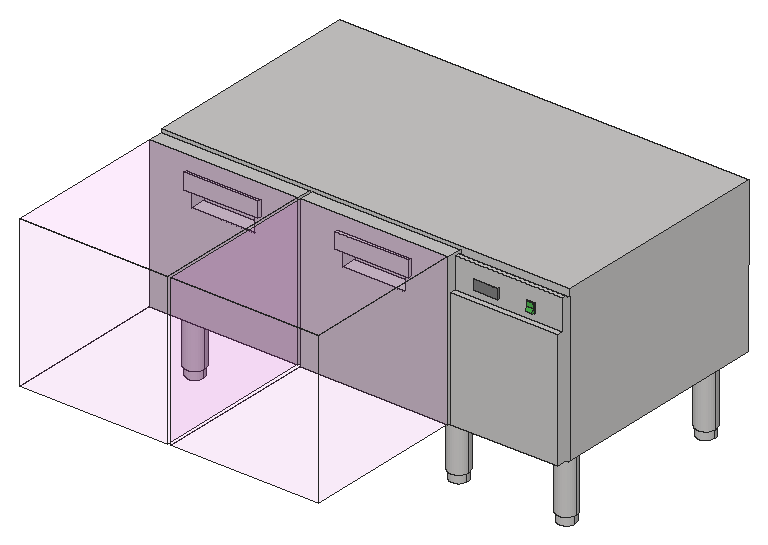
Revit family "QF_ELECTROLUXPROFESSIONAL_371294_E7TTEECOMIN", category Specialty Equipment, Revit 2018
Family settings
  Round Connector Dimension = Use Diameter
  Part Type = Normal
  Work Plane-Based = No
  Always vertical = Yes
  Cut with Voids When Loaded = No
  Shared = No
  Room Calculation Point = No
Parameters (values of type "Standard")
  Weight = 95.00 kg
  Watts = 0 W
  Volts = 220 V
  URL Manufacturer = "http://professional.electrolux.com"
  URL = "http://professional.electrolux.com"
  Steam Supply Size = 0 mm
  Steam Supply Minimum Pressure = 0.0 Pa
  Steam Supply Maximum Pressure = 0.0 Pa
  Steam Pounds per Hour = 0
  Refrigeration Suction Line Size = 0 mm
  Refrigeration Liquid Line Size = 0 mm
  Refrigerant Compressor Remote = yes
  Manufacturer = "Electrolux Professional"
  Phase = 1
  Model = "E7TTEECOMIN"
  Length Actual = 1200 mm  # constant formula
  Item Number = "371294"
  Hot Water Size = 0 mm
  Height Actual = 600 mm  # constant formula
  HP = "0.7 HP"
  Gas Size = 0 mm
  Gas KW = 0
  Gas Input Pressure = 0 W
  Direct Waste Size = 12.7 mm
  Description = "FREEZER BASE+2 DRAWERS -15°-20°C 1200MM - R290"
  Depth Actual = 700 mm  # constant formula
  Cycle = 50 Hz
  Condensate Return Size = 0 mm
  Compressed Air Volume = 0.0 L/s
  Compressed Air Size = 0 mm
  Compressed Air Pressure = 0.0 Pa
  Cold Water Size = 0 mm
  Accessory = yes
Values of the unnamed type that differ from the named types
  Volts = 0 V
  URL Manufacturer = ""
  Item Number = ""
  Cycle = 0 Hz
Reference planes
  plane 1 "Center X": y = 0
  plane 2: z = 0
  plane 3 "Centro (Sinistra/Destra)": x = 0
  plane 4: z = 200
  plane 5 "TOP": z = 650
  plane 6 "BACK": y = 350
  plane 7 "FRONT": y = -350
  plane 8 "LEFT": x = -600
  plane 9 "RIGHT": x = 600
  plane 10: y = -303
  plane 11: y = -348
  plane 12: x = -545
  plane 13: x = 545
  plane 14: x = 229
  plane 15: y = 262
  plane 16: y = -249
  plane 17: x = 286
  plane 18: x = -599
  plane 19: x = 599
  plane 20: y = 190
  plane 21: x = 560
Forms (mm)
  Extrusion 1, solid, material "QF_Finishes_Stainless Steel"
    sketch origin (0, 0, 650) x (-1, 0, 0) y (0, -1, 0)
      loop
        line (599, -350) -> (599, 303) -> (-599, 303) -> (-599, -350) -> (599, -350)
    from -450 to 0
  Extrusion 2, solid, material "QF_Finishes_Stainless Steel"
    sketch origin (196, -342.999, 0) x (-1, 0, 0) y (0, 0, 1)
      loop
        line (795, 201.587) -> (795, 640.994) -> (360.999, 640.994) -> (360.999, 201.587) -> (795, 201.587)
      loop
        line (671.3, 506.706) -> (671.3, 585) -> (484.699, 585) -> (484.699, 506.706) -> (671.3, 506.706)
    from -5.001 to 39.999
  Extrusion 3, solid, material "QF_Door-Drawer Clearances"
    sketch origin (196, -348, 0) x (1, 0, 0) y (0, 0, 1)
      loop
        line (-795, 640.994) -> (-795, 201.587) -> (-360.999, 201.587) -> (-360.999, 640.994) -> (-795, 640.994)
    from 0 to 473.5
  Extrusion 4, solid, material "QF_Finishes_Stainless Steel"
    sketch origin (599, 66.551, 0) x (0, 1, 0) y (0, 0, 1)
      loop
        line (-369.551, 629.527) -> (-386.314, 640.994) -> (-397.65, 640.994) -> (-397.65, 549.796) -> (-414.551, 549.796) -> (-414.551, 204.796) -> (-384.714, 204.796) -> (-374.993, 200) -> (-369.551, 200) -> (-369.551, 629.527)
    from 0 to -313
  Extrusion 5, solid, material "QF_Finishes_Black"
    sketch origin (583, -331.099, 630.994) x (0, 0, -1) y (1, 0, 0)
      loop
        line (32.198, -86.899) -> (61.199, -86.899) -> (61.199, -64.9) -> (32.198, -64.9) -> (32.198, -86.899)
    from 0 to 1.6
  Extrusion 6, solid, material "QF_Finishes_Grey"
    sketch origin (589, -331.099, 630.994) x (0, 0, -1) y (1, 0, 0)
      loop
        line (32.198, -248.099) -> (61.199, -248.099) -> (61.199, -178.099) -> (32.198, -178.099) -> (32.198, -248.099)
    from 0 to 1.6
  Extrusion 7, solid, material "QF_Finishes_Green"
    sketch origin (518.1, -331.099, 598.796) x (0, 0, -1) y (0, 1, 0)
      loop
        line (2.279, -3.281) -> (14.5, -3.281) -> (25.308, -8.985)
        arc (25.308, -8.985) -> (26.537, -5.394) -> (26.605, -1.6) r 12.221
        line (26.605, -1.6) -> (2.395, -1.6)
        arc (2.395, -1.6) -> (2.308, -2.439) -> (2.279, -3.281) r 12.221
    from -20 to -2
  Extrusion 8, solid, material "QF_Door-Drawer Clearances"
    sketch origin (638.501, -342.999, 0) x (1, 0, 0) y (0, 0, 1)
      loop
        line (-795, 640.994) -> (-795, 201.587) -> (-360.999, 201.587) -> (-360.999, 640.994) -> (-795, 640.994)
    from 5.001 to 478.501
  Extrusion 9, solid, material "QF_Finishes_Stainless Steel"
    sketch origin (196, -348, 0) x (1, 0, 0) y (0, 0, 1)
      loop
        line (-686.3, 598.969) -> (-686.3, 553.969) -> (-469.699, 553.969) -> (-469.699, 598.969) -> (-686.3, 598.969)
    from 0 to 10
  Extrusion 10, solid, material "QF_Finishes_Stainless Steel"
    sketch origin (638.501, -342.999, 0) x (-1, 0, 0) y (0, 0, 1)
      loop
        line (795, 201.587) -> (795, 640.994) -> (360.999, 640.994) -> (360.999, 201.587) -> (795, 201.587)
      loop
        line (671.3, 506.706) -> (671.3, 585) -> (484.699, 585) -> (484.699, 506.706) -> (671.3, 506.706)
    from -5.001 to 39.999
  Extrusion 11, solid, material "QF_Finishes_Stainless Steel"
    sketch origin (638.501, -348, 0) x (1, 0, 0) y (0, 0, 1)
      loop
        line (-686.3, 598.969) -> (-686.3, 553.969) -> (-469.699, 553.969) -> (-469.699, 598.969) -> (-686.3, 598.969)
    from 0 to 10
  Extrusion 12, solid, material "QF_Finishes_Stainless Steel"
    sketch origin (0, 0, 0) x (1, 0, 0) y (0, 1, 0)
      loop
        circle (560, 190) r 6
    from 189.987 to 200
Lines and regions (mm)
  Split face 1
    outline origin (589, -332.699, 630.994) x (0, 0, -1) y (1, 0, 0)
      loop
        line (37.198, -238.099) -> (52.198, -238.099) -> (52.198, -188.099) -> (37.198, -188.099) -> (37.198, -238.099)
  Split face 2
    outline origin (589, -332.699, 630.994) x (0, 0, -1) y (1, 0, 0)
      loop
        circle (44.698, -185.099) r 1.2
  Split face 3
    outline origin (589, -332.699, 630.994) x (0, 0, -1) y (1, 0, 0)
      loop
        circle (39.698, -185.099) r 1.2
  Split face 4
    outline origin (589, -332.699, 630.994) x (0, 0, -1) y (1, 0, 0)
      loop
        circle (49.698, -185.099) r 1.2
  Split face 5
    outline origin (589, -332.699, 630.994) x (0, 0, -1) y (1, 0, 0)
      loop
        circle (39.698, -241.099) r 1.2
  Split face 6
    outline origin (589, -332.699, 630.994) x (0, 0, -1) y (1, 0, 0)
      loop
        circle (44.698, -241.099) r 1.2
  Split face 7
    outline origin (589, -332.699, 630.994) x (0, 0, -1) y (1, 0, 0)
      loop
        circle (49.698, -241.099) r 1.2
  Split face 8
    outline origin (589, -332.699, 630.994) x (0, 0, -1) y (1, 0, 0)
      loop
        line (59.151, -238.099) -> (59.151, -227.099) -> (54.151, -227.099) -> (54.151, -238.099) -> (59.151, -238.099)
  Split face 9
    outline origin (589, -332.699, 630.994) x (0, 0, -1) y (1, 0, 0)
      loop
        line (54.151, -225.099) -> (59.151, -225.099) -> (59.151, -214.099) -> (54.151, -214.099) -> (54.151, -225.099)
  Split face 10
    outline origin (602, -332.699, 630.994) x (0, 0, -1) y (1, 0, 0)
      loop
        line (54.151, -225.099) -> (59.151, -225.099) -> (59.151, -214.099) -> (54.151, -214.099) -> (54.151, -225.099)
  Split face 11
    outline origin (615, -332.699, 630.994) x (0, 0, -1) y (1, 0, 0)
      loop
        line (54.151, -225.099) -> (59.151, -225.099) -> (59.151, -214.099) -> (54.151, -214.099) -> (54.151, -225.099)
  Split face 12
    outline origin (601.5, -348, 412.291) x (0, 0, -1) y (1, 0, 0)
      loop
        arc (-85.025, -282.599) -> (-81.004, -278.61) -> (-85.004, -274.599) r 4
        line (-85.004, -274.599) -> (-117.004, -274.599)
        arc (-117.004, -274.599) -> (-121.004, -278.61) -> (-116.984, -282.599) r 4
        line (-116.984, -282.599) -> (-85.025, -282.599)
  Split face 13
    outline origin (613.5, -348, 412.291) x (0, 0, -1) y (1, 0, 0)
      loop
        arc (-85.025, -282.599) -> (-81.004, -278.61) -> (-85.004, -274.599) r 4
        line (-85.004, -274.599) -> (-117.004, -274.599)
        arc (-117.004, -274.599) -> (-121.004, -278.61) -> (-116.984, -282.599) r 4
        line (-116.984, -282.599) -> (-85.025, -282.599)
  Split face 14
    outline origin (625.5, -348, 412.291) x (0, 0, -1) y (1, 0, 0)
      loop
        arc (-85.025, -282.599) -> (-81.004, -278.61) -> (-85.004, -274.599) r 4
        line (-85.004, -274.599) -> (-117.004, -274.599)
        arc (-117.004, -274.599) -> (-121.004, -278.61) -> (-116.984, -282.599) r 4
        line (-116.984, -282.599) -> (-85.025, -282.599)
  Split face 15
    outline origin (637.397, -348, 412.291) x (0, 0, -1) y (1, 0, 0)
      loop
        arc (-85.025, -282.599) -> (-81.004, -278.61) -> (-85.004, -274.599) r 4
        line (-85.004, -274.599) -> (-117.004, -274.599)
        arc (-117.004, -274.599) -> (-121.004, -278.61) -> (-116.984, -282.599) r 4
        line (-116.984, -282.599) -> (-85.025, -282.599)
  Split face 16
    outline origin (649.396, -348, 412.291) x (0, 0, -1) y (1, 0, 0)
      loop
        arc (-85.025, -282.599) -> (-81.004, -278.61) -> (-85.004, -274.599) r 4
        line (-85.004, -274.599) -> (-117.004, -274.599)
        arc (-117.004, -274.599) -> (-121.004, -278.61) -> (-116.984, -282.599) r 4
        line (-116.984, -282.599) -> (-85.025, -282.599)
  Split face 17
    outline origin (661.396, -348, 412.291) x (0, 0, -1) y (1, 0, 0)
      loop
        arc (-85.025, -282.599) -> (-81.004, -278.61) -> (-85.004, -274.599) r 4
        line (-85.004, -274.599) -> (-117.004, -274.599)
        arc (-117.004, -274.599) -> (-121.004, -278.61) -> (-116.984, -282.599) r 4
        line (-116.984, -282.599) -> (-85.025, -282.599)
  Split face 18
    outline origin (673.396, -348, 412.291) x (0, 0, -1) y (1, 0, 0)
      loop
        arc (-85.025, -282.599) -> (-81.004, -278.61) -> (-85.004, -274.599) r 4
        line (-85.004, -274.599) -> (-117.004, -274.599)
        arc (-117.004, -274.599) -> (-121.004, -278.61) -> (-116.984, -282.599) r 4
        line (-116.984, -282.599) -> (-85.025, -282.599)
  Split face 19
    outline origin (685.397, -348, 412.291) x (0, 0, -1) y (1, 0, 0)
      loop
        arc (-85.025, -282.599) -> (-81.004, -278.61) -> (-85.004, -274.599) r 4
        line (-85.004, -274.599) -> (-117.004, -274.599)
        arc (-117.004, -274.599) -> (-121.004, -278.61) -> (-116.984, -282.599) r 4
        line (-116.984, -282.599) -> (-85.025, -282.599)
  Split face 20
    outline origin (697.396, -348, 412.291) x (0, 0, -1) y (1, 0, 0)
      loop
        arc (-85.025, -282.599) -> (-81.004, -278.61) -> (-85.004, -274.599) r 4
        line (-85.004, -274.599) -> (-117.004, -274.599)
        arc (-117.004, -274.599) -> (-121.004, -278.61) -> (-116.984, -282.599) r 4
        line (-116.984, -282.599) -> (-85.025, -282.599)
  Split face 21
    outline origin (704.396, -348, 412.291) x (0, 0, -1) y (1, 0, 0)
      loop
        arc (-85.025, -242.399) -> (-81.004, -238.41) -> (-85.004, -234.4) r 4
        line (-85.004, -234.4) -> (-117.004, -234.4)
        arc (-117.004, -234.4) -> (-121.004, -238.41) -> (-116.984, -242.399) r 4
        line (-116.984, -242.399) -> (-85.025, -242.399)
  Split face 22
    outline origin (716.396, -348, 412.291) x (0, 0, -1) y (1, 0, 0)
      loop
        arc (-85.025, -242.399) -> (-81.004, -238.41) -> (-85.004, -234.4) r 4
        line (-85.004, -234.4) -> (-117.004, -234.4)
        arc (-117.004, -234.4) -> (-121.004, -238.41) -> (-116.984, -242.399) r 4
        line (-116.984, -242.399) -> (-85.025, -242.399)
  Split face 23
    outline origin (728.396, -348, 412.291) x (0, 0, -1) y (1, 0, 0)
      loop
        arc (-85.025, -242.399) -> (-81.004, -238.41) -> (-85.004, -234.4) r 4
        line (-85.004, -234.4) -> (-117.004, -234.4)
        arc (-117.004, -234.4) -> (-121.004, -238.41) -> (-116.984, -242.399) r 4
        line (-116.984, -242.399) -> (-85.025, -242.399)
  Split face 24
    outline origin (740.396, -348, 412.291) x (0, 0, -1) y (1, 0, 0)
      loop
        arc (-85.025, -242.399) -> (-81.004, -238.41) -> (-85.004, -234.4) r 4
        line (-85.004, -234.4) -> (-117.004, -234.4)
        arc (-117.004, -234.4) -> (-121.004, -238.41) -> (-116.984, -242.399) r 4
        line (-116.984, -242.399) -> (-85.025, -242.399)
  Split face 25
    outline origin (752.396, -348, 412.291) x (0, 0, -1) y (1, 0, 0)
      loop
        arc (-85.025, -242.399) -> (-81.004, -238.41) -> (-85.004, -234.4) r 4
        line (-85.004, -234.4) -> (-117.004, -234.4)
        arc (-117.004, -234.4) -> (-121.004, -238.41) -> (-116.984, -242.399) r 4
        line (-116.984, -242.399) -> (-85.025, -242.399)
  Split face 26
    outline origin (764.396, -348, 412.291) x (0, 0, -1) y (1, 0, 0)
      loop
        arc (-85.025, -242.399) -> (-81.004, -238.41) -> (-85.004, -234.4) r 4
        line (-85.004, -234.4) -> (-117.004, -234.4)
        arc (-117.004, -234.4) -> (-121.004, -238.41) -> (-116.984, -242.399) r 4
        line (-116.984, -242.399) -> (-85.025, -242.399)
  Split face 27
    outline origin (776.396, -348, 412.291) x (0, 0, -1) y (1, 0, 0)
      loop
        arc (-85.025, -242.399) -> (-81.004, -238.41) -> (-85.004, -234.4) r 4
        line (-85.004, -234.4) -> (-117.004, -234.4)
        arc (-117.004, -234.4) -> (-121.004, -238.41) -> (-116.984, -242.399) r 4
        line (-116.984, -242.399) -> (-85.025, -242.399)
  Split face 28
    outline origin (788.396, -348, 412.291) x (0, 0, -1) y (1, 0, 0)
      loop
        arc (-85.025, -242.399) -> (-81.004, -238.41) -> (-85.004, -234.4) r 4
        line (-85.004, -234.4) -> (-117.004, -234.4)
        arc (-117.004, -234.4) -> (-121.004, -238.41) -> (-116.984, -242.399) r 4
        line (-116.984, -242.399) -> (-85.025, -242.399)
  Split face 29
    outline origin (800.396, -348, 412.291) x (0, 0, -1) y (1, 0, 0)
      loop
        arc (-85.025, -242.399) -> (-81.004, -238.41) -> (-85.004, -234.4) r 4
        line (-85.004, -234.4) -> (-117.004, -234.4)
        arc (-117.004, -234.4) -> (-121.004, -238.41) -> (-116.984, -242.399) r 4
        line (-116.984, -242.399) -> (-85.025, -242.399)
  Split face 30
    outline origin (812.396, -348, 412.291) x (0, 0, -1) y (1, 0, 0)
      loop
        arc (-85.025, -242.399) -> (-81.004, -238.41) -> (-85.004, -234.4) r 4
        line (-85.004, -234.4) -> (-117.004, -234.4)
        arc (-117.004, -234.4) -> (-121.004, -238.41) -> (-116.984, -242.399) r 4
        line (-116.984, -242.399) -> (-85.025, -242.399)
  Split face 31
    outline origin (589.5, -348, 412.291) x (0, 0, -1) y (1, 0, 0)
      loop
        arc (-85.025, -282.599) -> (-81.004, -278.61) -> (-85.004, -274.599) r 4
        line (-85.004, -274.599) -> (-117.004, -274.599)
        arc (-117.004, -274.599) -> (-121.004, -278.61) -> (-116.984, -282.599) r 4
        line (-116.984, -282.599) -> (-85.025, -282.599)
  Split face 32
    outline origin (601.5, -348, 367.29) x (0, 0, -1) y (1, 0, 0)
      loop
        arc (-85.025, -282.599) -> (-81.004, -278.61) -> (-85.004, -274.599) r 4
        line (-85.004, -274.599) -> (-117.004, -274.599)
        arc (-117.004, -274.599) -> (-121.004, -278.61) -> (-116.984, -282.599) r 4
        line (-116.984, -282.599) -> (-85.025, -282.599)
  Split face 33
    outline origin (613.5, -348, 367.29) x (0, 0, -1) y (1, 0, 0)
      loop
        arc (-85.025, -282.599) -> (-81.004, -278.61) -> (-85.004, -274.599) r 4
        line (-85.004, -274.599) -> (-117.004, -274.599)
        arc (-117.004, -274.599) -> (-121.004, -278.61) -> (-116.984, -282.599) r 4
        line (-116.984, -282.599) -> (-85.025, -282.599)
  Split face 34
    outline origin (625.5, -348, 367.29) x (0, 0, -1) y (1, 0, 0)
      loop
        arc (-85.025, -282.599) -> (-81.004, -278.61) -> (-85.004, -274.599) r 4
        line (-85.004, -274.599) -> (-117.004, -274.599)
        arc (-117.004, -274.599) -> (-121.004, -278.61) -> (-116.984, -282.599) r 4
        line (-116.984, -282.599) -> (-85.025, -282.599)
  Split face 35
    outline origin (637.397, -348, 367.29) x (0, 0, -1) y (1, 0, 0)
      loop
        arc (-85.025, -282.599) -> (-81.004, -278.61) -> (-85.004, -274.599) r 4
        line (-85.004, -274.599) -> (-117.004, -274.599)
        arc (-117.004, -274.599) -> (-121.004, -278.61) -> (-116.984, -282.599) r 4
        line (-116.984, -282.599) -> (-85.025, -282.599)
  Split face 36
    outline origin (649.396, -348, 367.29) x (0, 0, -1) y (1, 0, 0)
      loop
        arc (-85.025, -282.599) -> (-81.004, -278.61) -> (-85.004, -274.599) r 4
        line (-85.004, -274.599) -> (-117.004, -274.599)
        arc (-117.004, -274.599) -> (-121.004, -278.61) -> (-116.984, -282.599) r 4
        line (-116.984, -282.599) -> (-85.025, -282.599)
  Split face 37
    outline origin (661.396, -348, 367.29) x (0, 0, -1) y (1, 0, 0)
      loop
        arc (-85.025, -282.599) -> (-81.004, -278.61) -> (-85.004, -274.599) r 4
        line (-85.004, -274.599) -> (-117.004, -274.599)
        arc (-117.004, -274.599) -> (-121.004, -278.61) -> (-116.984, -282.599) r 4
        line (-116.984, -282.599) -> (-85.025, -282.599)
  Split face 38
    outline origin (673.396, -348, 367.29) x (0, 0, -1) y (1, 0, 0)
      loop
        arc (-85.025, -282.599) -> (-81.004, -278.61) -> (-85.004, -274.599) r 4
        line (-85.004, -274.599) -> (-117.004, -274.599)
        arc (-117.004, -274.599) -> (-121.004, -278.61) -> (-116.984, -282.599) r 4
        line (-116.984, -282.599) -> (-85.025, -282.599)
  Split face 39
    outline origin (685.397, -348, 367.29) x (0, 0, -1) y (1, 0, 0)
      loop
        arc (-85.025, -282.599) -> (-81.004, -278.61) -> (-85.004, -274.599) r 4
        line (-85.004, -274.599) -> (-117.004, -274.599)
        arc (-117.004, -274.599) -> (-121.004, -278.61) -> (-116.984, -282.599) r 4
        line (-116.984, -282.599) -> (-85.025, -282.599)
  Split face 40
    outline origin (697.396, -348, 367.29) x (0, 0, -1) y (1, 0, 0)
      loop
        arc (-85.025, -282.599) -> (-81.004, -278.61) -> (-85.004, -274.599) r 4
        line (-85.004, -274.599) -> (-117.004, -274.599)
        arc (-117.004, -274.599) -> (-121.004, -278.61) -> (-116.984, -282.599) r 4
        line (-116.984, -282.599) -> (-85.025, -282.599)
  Split face 41
    outline origin (704.396, -348, 367.29) x (0, 0, -1) y (1, 0, 0)
      loop
        arc (-85.025, -242.399) -> (-81.004, -238.41) -> (-85.004, -234.4) r 4
        line (-85.004, -234.4) -> (-117.004, -234.4)
        arc (-117.004, -234.4) -> (-121.004, -238.41) -> (-116.984, -242.399) r 4
        line (-116.984, -242.399) -> (-85.025, -242.399)
  Split face 42
    outline origin (716.396, -348, 367.29) x (0, 0, -1) y (1, 0, 0)
      loop
        arc (-85.025, -242.399) -> (-81.004, -238.41) -> (-85.004, -234.4) r 4
        line (-85.004, -234.4) -> (-117.004, -234.4)
        arc (-117.004, -234.4) -> (-121.004, -238.41) -> (-116.984, -242.399) r 4
        line (-116.984, -242.399) -> (-85.025, -242.399)
  Split face 43
    outline origin (728.396, -348, 367.29) x (0, 0, -1) y (1, 0, 0)
      loop
        arc (-85.025, -242.399) -> (-81.004, -238.41) -> (-85.004, -234.4) r 4
        line (-85.004, -234.4) -> (-117.004, -234.4)
        arc (-117.004, -234.4) -> (-121.004, -238.41) -> (-116.984, -242.399) r 4
        line (-116.984, -242.399) -> (-85.025, -242.399)
  Split face 44
    outline origin (740.396, -348, 367.29) x (0, 0, -1) y (1, 0, 0)
      loop
        arc (-85.025, -242.399) -> (-81.004, -238.41) -> (-85.004, -234.4) r 4
        line (-85.004, -234.4) -> (-117.004, -234.4)
        arc (-117.004, -234.4) -> (-121.004, -238.41) -> (-116.984, -242.399) r 4
        line (-116.984, -242.399) -> (-85.025, -242.399)
  Split face 45
    outline origin (752.396, -348, 367.29) x (0, 0, -1) y (1, 0, 0)
      loop
        arc (-85.025, -242.399) -> (-81.004, -238.41) -> (-85.004, -234.4) r 4
        line (-85.004, -234.4) -> (-117.004, -234.4)
        arc (-117.004, -234.4) -> (-121.004, -238.41) -> (-116.984, -242.399) r 4
        line (-116.984, -242.399) -> (-85.025, -242.399)
  Split face 46
    outline origin (764.396, -348, 367.29) x (0, 0, -1) y (1, 0, 0)
      loop
        arc (-85.025, -242.399) -> (-81.004, -238.41) -> (-85.004, -234.4) r 4
        line (-85.004, -234.4) -> (-117.004, -234.4)
        arc (-117.004, -234.4) -> (-121.004, -238.41) -> (-116.984, -242.399) r 4
        line (-116.984, -242.399) -> (-85.025, -242.399)
  Split face 47
    outline origin (776.396, -348, 367.29) x (0, 0, -1) y (1, 0, 0)
      loop
        arc (-85.025, -242.399) -> (-81.004, -238.41) -> (-85.004, -234.4) r 4
        line (-85.004, -234.4) -> (-117.004, -234.4)
        arc (-117.004, -234.4) -> (-121.004, -238.41) -> (-116.984, -242.399) r 4
        line (-116.984, -242.399) -> (-85.025, -242.399)
  Split face 48
    outline origin (788.396, -348, 367.29) x (0, 0, -1) y (1, 0, 0)
      loop
        arc (-85.025, -242.399) -> (-81.004, -238.41) -> (-85.004, -234.4) r 4
        line (-85.004, -234.4) -> (-117.004, -234.4)
        arc (-117.004, -234.4) -> (-121.004, -238.41) -> (-116.984, -242.399) r 4
        line (-116.984, -242.399) -> (-85.025, -242.399)
  Split face 49
    outline origin (800.396, -348, 367.29) x (0, 0, -1) y (1, 0, 0)
      loop
        arc (-85.025, -242.399) -> (-81.004, -238.41) -> (-85.004, -234.4) r 4
        line (-85.004, -234.4) -> (-117.004, -234.4)
        arc (-117.004, -234.4) -> (-121.004, -238.41) -> (-116.984, -242.399) r 4
        line (-116.984, -242.399) -> (-85.025, -242.399)
  Split face 50
    outline origin (812.396, -348, 367.29) x (0, 0, -1) y (1, 0, 0)
      loop
        arc (-85.025, -242.399) -> (-81.004, -238.41) -> (-85.004, -234.4) r 4
        line (-85.004, -234.4) -> (-117.004, -234.4)
        arc (-117.004, -234.4) -> (-121.004, -238.41) -> (-116.984, -242.399) r 4
        line (-116.984, -242.399) -> (-85.025, -242.399)
  Split face 51
    outline origin (589.5, -348, 367.29) x (0, 0, -1) y (1, 0, 0)
      loop
        arc (-85.025, -282.599) -> (-81.004, -278.61) -> (-85.004, -274.599) r 4
        line (-85.004, -274.599) -> (-117.004, -274.599)
        arc (-117.004, -274.599) -> (-121.004, -278.61) -> (-116.984, -282.599) r 4
        line (-116.984, -282.599) -> (-85.025, -282.599)
  Split face 52
    outline origin (601.5, -348, 322.29) x (0, 0, -1) y (1, 0, 0)
      loop
        arc (-85.025, -282.599) -> (-81.004, -278.61) -> (-85.004, -274.599) r 4
        line (-85.004, -274.599) -> (-117.004, -274.599)
        arc (-117.004, -274.599) -> (-121.004, -278.61) -> (-116.984, -282.599) r 4
        line (-116.984, -282.599) -> (-85.025, -282.599)
  Split face 53
    outline origin (613.5, -348, 322.29) x (0, 0, -1) y (1, 0, 0)
      loop
        arc (-85.025, -282.599) -> (-81.004, -278.61) -> (-85.004, -274.599) r 4
        line (-85.004, -274.599) -> (-117.004, -274.599)
        arc (-117.004, -274.599) -> (-121.004, -278.61) -> (-116.984, -282.599) r 4
        line (-116.984, -282.599) -> (-85.025, -282.599)
  Split face 54
    outline origin (625.5, -348, 322.29) x (0, 0, -1) y (1, 0, 0)
      loop
        arc (-85.025, -282.599) -> (-81.004, -278.61) -> (-85.004, -274.599) r 4
        line (-85.004, -274.599) -> (-117.004, -274.599)
        arc (-117.004, -274.599) -> (-121.004, -278.61) -> (-116.984, -282.599) r 4
        line (-116.984, -282.599) -> (-85.025, -282.599)
  Split face 55
    outline origin (637.397, -348, 322.29) x (0, 0, -1) y (1, 0, 0)
      loop
        arc (-85.025, -282.599) -> (-81.004, -278.61) -> (-85.004, -274.599) r 4
        line (-85.004, -274.599) -> (-117.004, -274.599)
        arc (-117.004, -274.599) -> (-121.004, -278.61) -> (-116.984, -282.599) r 4
        line (-116.984, -282.599) -> (-85.025, -282.599)
  Split face 56
    outline origin (649.396, -348, 322.29) x (0, 0, -1) y (1, 0, 0)
      loop
        arc (-85.025, -282.599) -> (-81.004, -278.61) -> (-85.004, -274.599) r 4
        line (-85.004, -274.599) -> (-117.004, -274.599)
        arc (-117.004, -274.599) -> (-121.004, -278.61) -> (-116.984, -282.599) r 4
        line (-116.984, -282.599) -> (-85.025, -282.599)
  Split face 57
    outline origin (661.396, -348, 322.29) x (0, 0, -1) y (1, 0, 0)
      loop
        arc (-85.025, -282.599) -> (-81.004, -278.61) -> (-85.004, -274.599) r 4
        line (-85.004, -274.599) -> (-117.004, -274.599)
        arc (-117.004, -274.599) -> (-121.004, -278.61) -> (-116.984, -282.599) r 4
        line (-116.984, -282.599) -> (-85.025, -282.599)
  Split face 58
    outline origin (673.396, -348, 322.29) x (0, 0, -1) y (1, 0, 0)
      loop
        arc (-85.025, -282.599) -> (-81.004, -278.61) -> (-85.004, -274.599) r 4
        line (-85.004, -274.599) -> (-117.004, -274.599)
        arc (-117.004, -274.599) -> (-121.004, -278.61) -> (-116.984, -282.599) r 4
        line (-116.984, -282.599) -> (-85.025, -282.599)
  Split face 59
    outline origin (685.397, -348, 322.29) x (0, 0, -1) y (1, 0, 0)
      loop
        arc (-85.025, -282.599) -> (-81.004, -278.61) -> (-85.004, -274.599) r 4
        line (-85.004, -274.599) -> (-117.004, -274.599)
        arc (-117.004, -274.599) -> (-121.004, -278.61) -> (-116.984, -282.599) r 4
        line (-116.984, -282.599) -> (-85.025, -282.599)
  Split face 60
    outline origin (697.396, -348, 322.29) x (0, 0, -1) y (1, 0, 0)
      loop
        arc (-85.025, -282.599) -> (-81.004, -278.61) -> (-85.004, -274.599) r 4
        line (-85.004, -274.599) -> (-117.004, -274.599)
        arc (-117.004, -274.599) -> (-121.004, -278.61) -> (-116.984, -282.599) r 4
        line (-116.984, -282.599) -> (-85.025, -282.599)
  Split face 61
    outline origin (704.396, -348, 322.29) x (0, 0, -1) y (1, 0, 0)
      loop
        arc (-85.025, -242.399) -> (-81.004, -238.41) -> (-85.004, -234.4) r 4
        line (-85.004, -234.4) -> (-117.004, -234.4)
        arc (-117.004, -234.4) -> (-121.004, -238.41) -> (-116.984, -242.399) r 4
        line (-116.984, -242.399) -> (-85.025, -242.399)
  Split face 62
    outline origin (716.396, -348, 322.29) x (0, 0, -1) y (1, 0, 0)
      loop
        arc (-85.025, -242.399) -> (-81.004, -238.41) -> (-85.004, -234.4) r 4
        line (-85.004, -234.4) -> (-117.004, -234.4)
        arc (-117.004, -234.4) -> (-121.004, -238.41) -> (-116.984, -242.399) r 4
        line (-116.984, -242.399) -> (-85.025, -242.399)
  Split face 63
    outline origin (728.396, -348, 322.29) x (0, 0, -1) y (1, 0, 0)
      loop
        arc (-85.025, -242.399) -> (-81.004, -238.41) -> (-85.004, -234.4) r 4
        line (-85.004, -234.4) -> (-117.004, -234.4)
        arc (-117.004, -234.4) -> (-121.004, -238.41) -> (-116.984, -242.399) r 4
        line (-116.984, -242.399) -> (-85.025, -242.399)
  Split face 64
    outline origin (740.396, -348, 322.29) x (0, 0, -1) y (1, 0, 0)
      loop
        arc (-85.025, -242.399) -> (-81.004, -238.41) -> (-85.004, -234.4) r 4
        line (-85.004, -234.4) -> (-117.004, -234.4)
        arc (-117.004, -234.4) -> (-121.004, -238.41) -> (-116.984, -242.399) r 4
        line (-116.984, -242.399) -> (-85.025, -242.399)
  Split face 65
    outline origin (752.396, -348, 322.29) x (0, 0, -1) y (1, 0, 0)
      loop
        arc (-85.025, -242.399) -> (-81.004, -238.41) -> (-85.004, -234.4) r 4
        line (-85.004, -234.4) -> (-117.004, -234.4)
        arc (-117.004, -234.4) -> (-121.004, -238.41) -> (-116.984, -242.399) r 4
        line (-116.984, -242.399) -> (-85.025, -242.399)
  Split face 66
    outline origin (764.396, -348, 322.29) x (0, 0, -1) y (1, 0, 0)
      loop
        arc (-85.025, -242.399) -> (-81.004, -238.41) -> (-85.004, -234.4) r 4
        line (-85.004, -234.4) -> (-117.004, -234.4)
        arc (-117.004, -234.4) -> (-121.004, -238.41) -> (-116.984, -242.399) r 4
        line (-116.984, -242.399) -> (-85.025, -242.399)
  Split face 67
    outline origin (776.396, -348, 322.29) x (0, 0, -1) y (1, 0, 0)
      loop
        arc (-85.025, -242.399) -> (-81.004, -238.41) -> (-85.004, -234.4) r 4
        line (-85.004, -234.4) -> (-117.004, -234.4)
        arc (-117.004, -234.4) -> (-121.004, -238.41) -> (-116.984, -242.399) r 4
        line (-116.984, -242.399) -> (-85.025, -242.399)
  Split face 68
    outline origin (788.396, -348, 322.29) x (0, 0, -1) y (1, 0, 0)
      loop
        arc (-85.025, -242.399) -> (-81.004, -238.41) -> (-85.004, -234.4) r 4
        line (-85.004, -234.4) -> (-117.004, -234.4)
        arc (-117.004, -234.4) -> (-121.004, -238.41) -> (-116.984, -242.399) r 4
        line (-116.984, -242.399) -> (-85.025, -242.399)
  Split face 69
    outline origin (800.396, -348, 322.29) x (0, 0, -1) y (1, 0, 0)
      loop
        arc (-85.025, -242.399) -> (-81.004, -238.41) -> (-85.004, -234.4) r 4
        line (-85.004, -234.4) -> (-117.004, -234.4)
        arc (-117.004, -234.4) -> (-121.004, -238.41) -> (-116.984, -242.399) r 4
        line (-116.984, -242.399) -> (-85.025, -242.399)
  Split face 70
    outline origin (812.396, -348, 322.29) x (0, 0, -1) y (1, 0, 0)
      loop
        arc (-85.025, -242.399) -> (-81.004, -238.41) -> (-85.004, -234.4) r 4
        line (-85.004, -234.4) -> (-117.004, -234.4)
        arc (-117.004, -234.4) -> (-121.004, -238.41) -> (-116.984, -242.399) r 4
        line (-116.984, -242.399) -> (-85.025, -242.399)
  Split face 71
    outline origin (589.5, -348, 322.29) x (0, 0, -1) y (1, 0, 0)
      loop
        arc (-85.025, -282.599) -> (-81.004, -278.61) -> (-85.004, -274.599) r 4
        line (-85.004, -274.599) -> (-117.004, -274.599)
        arc (-117.004, -274.599) -> (-121.004, -278.61) -> (-116.984, -282.599) r 4
        line (-116.984, -282.599) -> (-85.025, -282.599)
  Split face 72
    outline origin (601.5, -348, 277.29) x (0, 0, -1) y (1, 0, 0)
      loop
        arc (-85.025, -282.599) -> (-81.004, -278.61) -> (-85.004, -274.599) r 4
        line (-85.004, -274.599) -> (-117.004, -274.599)
        arc (-117.004, -274.599) -> (-121.004, -278.61) -> (-116.984, -282.599) r 4
        line (-116.984, -282.599) -> (-85.025, -282.599)
  Split face 73
    outline origin (613.5, -348, 277.29) x (0, 0, -1) y (1, 0, 0)
      loop
        arc (-85.025, -282.599) -> (-81.004, -278.61) -> (-85.004, -274.599) r 4
        line (-85.004, -274.599) -> (-117.004, -274.599)
        arc (-117.004, -274.599) -> (-121.004, -278.61) -> (-116.984, -282.599) r 4
        line (-116.984, -282.599) -> (-85.025, -282.599)
  Split face 74
    outline origin (625.5, -348, 277.29) x (0, 0, -1) y (1, 0, 0)
      loop
        arc (-85.025, -282.599) -> (-81.004, -278.61) -> (-85.004, -274.599) r 4
        line (-85.004, -274.599) -> (-117.004, -274.599)
        arc (-117.004, -274.599) -> (-121.004, -278.61) -> (-116.984, -282.599) r 4
        line (-116.984, -282.599) -> (-85.025, -282.599)
  Split face 75
    outline origin (637.397, -348, 277.29) x (0, 0, -1) y (1, 0, 0)
      loop
        arc (-85.025, -282.599) -> (-81.004, -278.61) -> (-85.004, -274.599) r 4
        line (-85.004, -274.599) -> (-117.004, -274.599)
        arc (-117.004, -274.599) -> (-121.004, -278.61) -> (-116.984, -282.599) r 4
        line (-116.984, -282.599) -> (-85.025, -282.599)
  Split face 76
    outline origin (649.396, -348, 277.29) x (0, 0, -1) y (1, 0, 0)
      loop
        arc (-85.025, -282.599) -> (-81.004, -278.61) -> (-85.004, -274.599) r 4
        line (-85.004, -274.599) -> (-117.004, -274.599)
        arc (-117.004, -274.599) -> (-121.004, -278.61) -> (-116.984, -282.599) r 4
        line (-116.984, -282.599) -> (-85.025, -282.599)
  Split face 77
    outline origin (661.396, -348, 277.29) x (0, 0, -1) y (1, 0, 0)
      loop
        arc (-85.025, -282.599) -> (-81.004, -278.61) -> (-85.004, -274.599) r 4
        line (-85.004, -274.599) -> (-117.004, -274.599)
        arc (-117.004, -274.599) -> (-121.004, -278.61) -> (-116.984, -282.599) r 4
        line (-116.984, -282.599) -> (-85.025, -282.599)
  Split face 78
    outline origin (673.396, -348, 277.29) x (0, 0, -1) y (1, 0, 0)
      loop
        arc (-85.025, -282.599) -> (-81.004, -278.61) -> (-85.004, -274.599) r 4
        line (-85.004, -274.599) -> (-117.004, -274.599)
        arc (-117.004, -274.599) -> (-121.004, -278.61) -> (-116.984, -282.599) r 4
        line (-116.984, -282.599) -> (-85.025, -282.599)
  Split face 79
    outline origin (685.397, -348, 277.29) x (0, 0, -1) y (1, 0, 0)
      loop
        arc (-85.025, -282.599) -> (-81.004, -278.61) -> (-85.004, -274.599) r 4
        line (-85.004, -274.599) -> (-117.004, -274.599)
        arc (-117.004, -274.599) -> (-121.004, -278.61) -> (-116.984, -282.599) r 4
        line (-116.984, -282.599) -> (-85.025, -282.599)
  Split face 80
    outline origin (697.396, -348, 277.29) x (0, 0, -1) y (1, 0, 0)
      loop
        arc (-85.025, -282.599) -> (-81.004, -278.61) -> (-85.004, -274.599) r 4
        line (-85.004, -274.599) -> (-117.004, -274.599)
        arc (-117.004, -274.599) -> (-121.004, -278.61) -> (-116.984, -282.599) r 4
        line (-116.984, -282.599) -> (-85.025, -282.599)
  Split face 81
    outline origin (704.396, -348, 277.29) x (0, 0, -1) y (1, 0, 0)
      loop
        arc (-85.025, -242.399) -> (-81.004, -238.41) -> (-85.004, -234.4) r 4
        line (-85.004, -234.4) -> (-117.004, -234.4)
        arc (-117.004, -234.4) -> (-121.004, -238.41) -> (-116.984, -242.399) r 4
        line (-116.984, -242.399) -> (-85.025, -242.399)
  Split face 82
    outline origin (716.396, -348, 277.29) x (0, 0, -1) y (1, 0, 0)
      loop
        arc (-85.025, -242.399) -> (-81.004, -238.41) -> (-85.004, -234.4) r 4
        line (-85.004, -234.4) -> (-117.004, -234.4)
        arc (-117.004, -234.4) -> (-121.004, -238.41) -> (-116.984, -242.399) r 4
        line (-116.984, -242.399) -> (-85.025, -242.399)
  Split face 83
    outline origin (728.396, -348, 277.29) x (0, 0, -1) y (1, 0, 0)
      loop
        arc (-85.025, -242.399) -> (-81.004, -238.41) -> (-85.004, -234.4) r 4
        line (-85.004, -234.4) -> (-117.004, -234.4)
        arc (-117.004, -234.4) -> (-121.004, -238.41) -> (-116.984, -242.399) r 4
        line (-116.984, -242.399) -> (-85.025, -242.399)
  Split face 84
    outline origin (740.396, -348, 277.29) x (0, 0, -1) y (1, 0, 0)
      loop
        arc (-85.025, -242.399) -> (-81.004, -238.41) -> (-85.004, -234.4) r 4
        line (-85.004, -234.4) -> (-117.004, -234.4)
        arc (-117.004, -234.4) -> (-121.004, -238.41) -> (-116.984, -242.399) r 4
        line (-116.984, -242.399) -> (-85.025, -242.399)
  Split face 85
    outline origin (752.396, -348, 277.29) x (0, 0, -1) y (1, 0, 0)
      loop
        arc (-85.025, -242.399) -> (-81.004, -238.41) -> (-85.004, -234.4) r 4
        line (-85.004, -234.4) -> (-117.004, -234.4)
        arc (-117.004, -234.4) -> (-121.004, -238.41) -> (-116.984, -242.399) r 4
        line (-116.984, -242.399) -> (-85.025, -242.399)
  Split face 86
    outline origin (764.396, -348, 277.29) x (0, 0, -1) y (1, 0, 0)
      loop
        arc (-85.025, -242.399) -> (-81.004, -238.41) -> (-85.004, -234.4) r 4
        line (-85.004, -234.4) -> (-117.004, -234.4)
        arc (-117.004, -234.4) -> (-121.004, -238.41) -> (-116.984, -242.399) r 4
        line (-116.984, -242.399) -> (-85.025, -242.399)
  Split face 87
    outline origin (776.396, -348, 277.29) x (0, 0, -1) y (1, 0, 0)
      loop
        arc (-85.025, -242.399) -> (-81.004, -238.41) -> (-85.004, -234.4) r 4
        line (-85.004, -234.4) -> (-117.004, -234.4)
        arc (-117.004, -234.4) -> (-121.004, -238.41) -> (-116.984, -242.399) r 4
        line (-116.984, -242.399) -> (-85.025, -242.399)
  Split face 88
    outline origin (788.396, -348, 277.29) x (0, 0, -1) y (1, 0, 0)
      loop
        arc (-85.025, -242.399) -> (-81.004, -238.41) -> (-85.004, -234.4) r 4
        line (-85.004, -234.4) -> (-117.004, -234.4)
        arc (-117.004, -234.4) -> (-121.004, -238.41) -> (-116.984, -242.399) r 4
        line (-116.984, -242.399) -> (-85.025, -242.399)
  Split face 89
    outline origin (800.396, -348, 277.29) x (0, 0, -1) y (1, 0, 0)
      loop
        arc (-85.025, -242.399) -> (-81.004, -238.41) -> (-85.004, -234.4) r 4
        line (-85.004, -234.4) -> (-117.004, -234.4)
        arc (-117.004, -234.4) -> (-121.004, -238.41) -> (-116.984, -242.399) r 4
        line (-116.984, -242.399) -> (-85.025, -242.399)
  Split face 90
    outline origin (812.396, -348, 277.29) x (0, 0, -1) y (1, 0, 0)
      loop
        arc (-85.025, -242.399) -> (-81.004, -238.41) -> (-85.004, -234.4) r 4
        line (-85.004, -234.4) -> (-117.004, -234.4)
        arc (-117.004, -234.4) -> (-121.004, -238.41) -> (-116.984, -242.399) r 4
        line (-116.984, -242.399) -> (-85.025, -242.399)
  Split face 91
    outline origin (589.5, -348, 277.29) x (0, 0, -1) y (1, 0, 0)
      loop
        arc (-85.025, -282.599) -> (-81.004, -278.61) -> (-85.004, -274.599) r 4
        line (-85.004, -274.599) -> (-117.004, -274.599)
        arc (-117.004, -274.599) -> (-121.004, -278.61) -> (-116.984, -282.599) r 4
        line (-116.984, -282.599) -> (-85.025, -282.599)
  Split face 92
    outline origin (601.5, -348, 232.29) x (0, 0, -1) y (1, 0, 0)
      loop
        arc (-85.025, -282.599) -> (-81.004, -278.61) -> (-85.004, -274.599) r 4
        line (-85.004, -274.599) -> (-117.004, -274.599)
        arc (-117.004, -274.599) -> (-121.004, -278.61) -> (-116.984, -282.599) r 4
        line (-116.984, -282.599) -> (-85.025, -282.599)
  Split face 93
    outline origin (613.5, -348, 232.29) x (0, 0, -1) y (1, 0, 0)
      loop
        arc (-85.025, -282.599) -> (-81.004, -278.61) -> (-85.004, -274.599) r 4
        line (-85.004, -274.599) -> (-117.004, -274.599)
        arc (-117.004, -274.599) -> (-121.004, -278.61) -> (-116.984, -282.599) r 4
        line (-116.984, -282.599) -> (-85.025, -282.599)
  Split face 94
    outline origin (625.5, -348, 232.29) x (0, 0, -1) y (1, 0, 0)
      loop
        arc (-85.025, -282.599) -> (-81.004, -278.61) -> (-85.004, -274.599) r 4
        line (-85.004, -274.599) -> (-117.004, -274.599)
        arc (-117.004, -274.599) -> (-121.004, -278.61) -> (-116.984, -282.599) r 4
        line (-116.984, -282.599) -> (-85.025, -282.599)
  Split face 95
    outline origin (637.397, -348, 232.29) x (0, 0, -1) y (1, 0, 0)
      loop
        arc (-85.025, -282.599) -> (-81.004, -278.61) -> (-85.004, -274.599) r 4
        line (-85.004, -274.599) -> (-117.004, -274.599)
        arc (-117.004, -274.599) -> (-121.004, -278.61) -> (-116.984, -282.599) r 4
        line (-116.984, -282.599) -> (-85.025, -282.599)
  Split face 96
    outline origin (649.396, -348, 232.29) x (0, 0, -1) y (1, 0, 0)
      loop
        arc (-85.025, -282.599) -> (-81.004, -278.61) -> (-85.004, -274.599) r 4
        line (-85.004, -274.599) -> (-117.004, -274.599)
        arc (-117.004, -274.599) -> (-121.004, -278.61) -> (-116.984, -282.599) r 4
        line (-116.984, -282.599) -> (-85.025, -282.599)
  Split face 97
    outline origin (661.396, -348, 232.29) x (0, 0, -1) y (1, 0, 0)
      loop
        arc (-85.025, -282.599) -> (-81.004, -278.61) -> (-85.004, -274.599) r 4
        line (-85.004, -274.599) -> (-117.004, -274.599)
        arc (-117.004, -274.599) -> (-121.004, -278.61) -> (-116.984, -282.599) r 4
        line (-116.984, -282.599) -> (-85.025, -282.599)
  Split face 98
    outline origin (673.396, -348, 232.29) x (0, 0, -1) y (1, 0, 0)
      loop
        arc (-85.025, -282.599) -> (-81.004, -278.61) -> (-85.004, -274.599) r 4
        line (-85.004, -274.599) -> (-117.004, -274.599)
        arc (-117.004, -274.599) -> (-121.004, -278.61) -> (-116.984, -282.599) r 4
        line (-116.984, -282.599) -> (-85.025, -282.599)
  Split face 99
    outline origin (685.397, -348, 232.29) x (0, 0, -1) y (1, 0, 0)
      loop
        arc (-85.025, -282.599) -> (-81.004, -278.61) -> (-85.004, -274.599) r 4
        line (-85.004, -274.599) -> (-117.004, -274.599)
        arc (-117.004, -274.599) -> (-121.004, -278.61) -> (-116.984, -282.599) r 4
        line (-116.984, -282.599) -> (-85.025, -282.599)
  Split face 100
    outline origin (697.396, -348, 232.29) x (0, 0, -1) y (1, 0, 0)
      loop
        arc (-85.025, -282.599) -> (-81.004, -278.61) -> (-85.004, -274.599) r 4
        line (-85.004, -274.599) -> (-117.004, -274.599)
        arc (-117.004, -274.599) -> (-121.004, -278.61) -> (-116.984, -282.599) r 4
        line (-116.984, -282.599) -> (-85.025, -282.599)
  Split face 101
    outline origin (704.396, -348, 232.29) x (0, 0, -1) y (1, 0, 0)
      loop
        arc (-85.025, -242.399) -> (-81.004, -238.41) -> (-85.004, -234.4) r 4
        line (-85.004, -234.4) -> (-117.004, -234.4)
        arc (-117.004, -234.4) -> (-121.004, -238.41) -> (-116.984, -242.399) r 4
        line (-116.984, -242.399) -> (-85.025, -242.399)
  Split face 102
    outline origin (716.396, -348, 232.29) x (0, 0, -1) y (1, 0, 0)
      loop
        arc (-85.025, -242.399) -> (-81.004, -238.41) -> (-85.004, -234.4) r 4
        line (-85.004, -234.4) -> (-117.004, -234.4)
        arc (-117.004, -234.4) -> (-121.004, -238.41) -> (-116.984, -242.399) r 4
        line (-116.984, -242.399) -> (-85.025, -242.399)
  Split face 103
    outline origin (728.396, -348, 232.29) x (0, 0, -1) y (1, 0, 0)
      loop
        arc (-85.025, -242.399) -> (-81.004, -238.41) -> (-85.004, -234.4) r 4
        line (-85.004, -234.4) -> (-117.004, -234.4)
        arc (-117.004, -234.4) -> (-121.004, -238.41) -> (-116.984, -242.399) r 4
        line (-116.984, -242.399) -> (-85.025, -242.399)
  Split face 104
    outline origin (740.396, -348, 232.29) x (0, 0, -1) y (1, 0, 0)
      loop
        arc (-85.025, -242.399) -> (-81.004, -238.41) -> (-85.004, -234.4) r 4
        line (-85.004, -234.4) -> (-117.004, -234.4)
        arc (-117.004, -234.4) -> (-121.004, -238.41) -> (-116.984, -242.399) r 4
        line (-116.984, -242.399) -> (-85.025, -242.399)
  Split face 105
    outline origin (752.396, -348, 232.29) x (0, 0, -1) y (1, 0, 0)
      loop
        arc (-85.025, -242.399) -> (-81.004, -238.41) -> (-85.004, -234.4) r 4
        line (-85.004, -234.4) -> (-117.004, -234.4)
        arc (-117.004, -234.4) -> (-121.004, -238.41) -> (-116.984, -242.399) r 4
        line (-116.984, -242.399) -> (-85.025, -242.399)
  Split face 106
    outline origin (764.396, -348, 232.29) x (0, 0, -1) y (1, 0, 0)
      loop
        arc (-85.025, -242.399) -> (-81.004, -238.41) -> (-85.004, -234.4) r 4
        line (-85.004, -234.4) -> (-117.004, -234.4)
        arc (-117.004, -234.4) -> (-121.004, -238.41) -> (-116.984, -242.399) r 4
        line (-116.984, -242.399) -> (-85.025, -242.399)
  Split face 107
    outline origin (776.396, -348, 232.29) x (0, 0, -1) y (1, 0, 0)
      loop
        arc (-85.025, -242.399) -> (-81.004, -238.41) -> (-85.004, -234.4) r 4
        line (-85.004, -234.4) -> (-117.004, -234.4)
        arc (-117.004, -234.4) -> (-121.004, -238.41) -> (-116.984, -242.399) r 4
        line (-116.984, -242.399) -> (-85.025, -242.399)
  Split face 108
    outline origin (788.396, -348, 232.29) x (0, 0, -1) y (1, 0, 0)
      loop
        arc (-85.025, -242.399) -> (-81.004, -238.41) -> (-85.004, -234.4) r 4
        line (-85.004, -234.4) -> (-117.004, -234.4)
        arc (-117.004, -234.4) -> (-121.004, -238.41) -> (-116.984, -242.399) r 4
        line (-116.984, -242.399) -> (-85.025, -242.399)
  Split face 109
    outline origin (800.396, -348, 232.29) x (0, 0, -1) y (1, 0, 0)
      loop
        arc (-85.025, -242.399) -> (-81.004, -238.41) -> (-85.004, -234.4) r 4
        line (-85.004, -234.4) -> (-117.004, -234.4)
        arc (-117.004, -234.4) -> (-121.004, -238.41) -> (-116.984, -242.399) r 4
        line (-116.984, -242.399) -> (-85.025, -242.399)
  Split face 110
    outline origin (812.396, -348, 232.29) x (0, 0, -1) y (1, 0, 0)
      loop
        arc (-85.025, -242.399) -> (-81.004, -238.41) -> (-85.004, -234.4) r 4
        line (-85.004, -234.4) -> (-117.004, -234.4)
        arc (-117.004, -234.4) -> (-121.004, -238.41) -> (-116.984, -242.399) r 4
        line (-116.984, -242.399) -> (-85.025, -242.399)
  Split face 111
    outline origin (589.5, -348, 232.29) x (0, 0, -1) y (1, 0, 0)
      loop
        arc (-85.025, -282.599) -> (-81.004, -278.61) -> (-85.004, -274.599) r 4
        line (-85.004, -274.599) -> (-117.004, -274.599)
        arc (-117.004, -274.599) -> (-121.004, -278.61) -> (-116.984, -282.599) r 4
        line (-116.984, -282.599) -> (-85.025, -282.599)
  Split face 112
    outline origin (601.5, -348, 187.29) x (0, 0, -1) y (1, 0, 0)
      loop
        arc (-85.025, -282.599) -> (-81.004, -278.61) -> (-85.004, -274.599) r 4
        line (-85.004, -274.599) -> (-117.004, -274.599)
        arc (-117.004, -274.599) -> (-121.004, -278.61) -> (-116.984, -282.599) r 4
        line (-116.984, -282.599) -> (-85.025, -282.599)
  Split face 113
    outline origin (613.5, -348, 187.29) x (0, 0, -1) y (1, 0, 0)
      loop
        arc (-85.025, -282.599) -> (-81.004, -278.61) -> (-85.004, -274.599) r 4
        line (-85.004, -274.599) -> (-117.004, -274.599)
        arc (-117.004, -274.599) -> (-121.004, -278.61) -> (-116.984, -282.599) r 4
        line (-116.984, -282.599) -> (-85.025, -282.599)
  Split face 114
    outline origin (625.5, -348, 187.29) x (0, 0, -1) y (1, 0, 0)
      loop
        arc (-85.025, -282.599) -> (-81.004, -278.61) -> (-85.004, -274.599) r 4
        line (-85.004, -274.599) -> (-117.004, -274.599)
        arc (-117.004, -274.599) -> (-121.004, -278.61) -> (-116.984, -282.599) r 4
        line (-116.984, -282.599) -> (-85.025, -282.599)
  Split face 115
    outline origin (637.397, -348, 187.29) x (0, 0, -1) y (1, 0, 0)
      loop
        arc (-85.025, -282.599) -> (-81.004, -278.61) -> (-85.004, -274.599) r 4
        line (-85.004, -274.599) -> (-117.004, -274.599)
        arc (-117.004, -274.599) -> (-121.004, -278.61) -> (-116.984, -282.599) r 4
        line (-116.984, -282.599) -> (-85.025, -282.599)
  Split face 116
    outline origin (649.396, -348, 187.29) x (0, 0, -1) y (1, 0, 0)
      loop
        arc (-85.025, -282.599) -> (-81.004, -278.61) -> (-85.004, -274.599) r 4
        line (-85.004, -274.599) -> (-117.004, -274.599)
        arc (-117.004, -274.599) -> (-121.004, -278.61) -> (-116.984, -282.599) r 4
        line (-116.984, -282.599) -> (-85.025, -282.599)
  Split face 117
    outline origin (661.396, -348, 187.29) x (0, 0, -1) y (1, 0, 0)
      loop
        arc (-85.025, -282.599) -> (-81.004, -278.61) -> (-85.004, -274.599) r 4
        line (-85.004, -274.599) -> (-117.004, -274.599)
        arc (-117.004, -274.599) -> (-121.004, -278.61) -> (-116.984, -282.599) r 4
        line (-116.984, -282.599) -> (-85.025, -282.599)
  Split face 118
    outline origin (673.396, -348, 187.29) x (0, 0, -1) y (1, 0, 0)
      loop
        arc (-85.025, -282.599) -> (-81.004, -278.61) -> (-85.004, -274.599) r 4
        line (-85.004, -274.599) -> (-117.004, -274.599)
        arc (-117.004, -274.599) -> (-121.004, -278.61) -> (-116.984, -282.599) r 4
        line (-116.984, -282.599) -> (-85.025, -282.599)
  Split face 119
    outline origin (685.397, -348, 187.29) x (0, 0, -1) y (1, 0, 0)
      loop
        arc (-85.025, -282.599) -> (-81.004, -278.61) -> (-85.004, -274.599) r 4
        line (-85.004, -274.599) -> (-117.004, -274.599)
        arc (-117.004, -274.599) -> (-121.004, -278.61) -> (-116.984, -282.599) r 4
        line (-116.984, -282.599) -> (-85.025, -282.599)
  Split face 120
    outline origin (697.396, -348, 187.29) x (0, 0, -1) y (1, 0, 0)
      loop
        arc (-85.025, -282.599) -> (-81.004, -278.61) -> (-85.004, -274.599) r 4
        line (-85.004, -274.599) -> (-117.004, -274.599)
        arc (-117.004, -274.599) -> (-121.004, -278.61) -> (-116.984, -282.599) r 4
        line (-116.984, -282.599) -> (-85.025, -282.599)
  Split face 121
    outline origin (704.396, -348, 187.29) x (0, 0, -1) y (1, 0, 0)
      loop
        arc (-85.025, -242.399) -> (-81.004, -238.41) -> (-85.004, -234.4) r 4
        line (-85.004, -234.4) -> (-117.004, -234.4)
        arc (-117.004, -234.4) -> (-121.004, -238.41) -> (-116.984, -242.399) r 4
        line (-116.984, -242.399) -> (-85.025, -242.399)
  Split face 122
    outline origin (716.396, -348, 187.29) x (0, 0, -1) y (1, 0, 0)
      loop
        arc (-85.025, -242.399) -> (-81.004, -238.41) -> (-85.004, -234.4) r 4
        line (-85.004, -234.4) -> (-117.004, -234.4)
        arc (-117.004, -234.4) -> (-121.004, -238.41) -> (-116.984, -242.399) r 4
        line (-116.984, -242.399) -> (-85.025, -242.399)
  Split face 123
    outline origin (728.396, -348, 187.29) x (0, 0, -1) y (1, 0, 0)
      loop
        arc (-85.025, -242.399) -> (-81.004, -238.41) -> (-85.004, -234.4) r 4
        line (-85.004, -234.4) -> (-117.004, -234.4)
        arc (-117.004, -234.4) -> (-121.004, -238.41) -> (-116.984, -242.399) r 4
        line (-116.984, -242.399) -> (-85.025, -242.399)
  Split face 124
    outline origin (740.396, -348, 187.29) x (0, 0, -1) y (1, 0, 0)
      loop
        arc (-85.025, -242.399) -> (-81.004, -238.41) -> (-85.004, -234.4) r 4
        line (-85.004, -234.4) -> (-117.004, -234.4)
        arc (-117.004, -234.4) -> (-121.004, -238.41) -> (-116.984, -242.399) r 4
        line (-116.984, -242.399) -> (-85.025, -242.399)
  Split face 125
    outline origin (752.396, -348, 187.29) x (0, 0, -1) y (1, 0, 0)
      loop
        arc (-85.025, -242.399) -> (-81.004, -238.41) -> (-85.004, -234.4) r 4
        line (-85.004, -234.4) -> (-117.004, -234.4)
        arc (-117.004, -234.4) -> (-121.004, -238.41) -> (-116.984, -242.399) r 4
        line (-116.984, -242.399) -> (-85.025, -242.399)
  Split face 126
    outline origin (764.396, -348, 187.29) x (0, 0, -1) y (1, 0, 0)
      loop
        arc (-85.025, -242.399) -> (-81.004, -238.41) -> (-85.004, -234.4) r 4
        line (-85.004, -234.4) -> (-117.004, -234.4)
        arc (-117.004, -234.4) -> (-121.004, -238.41) -> (-116.984, -242.399) r 4
        line (-116.984, -242.399) -> (-85.025, -242.399)
  Split face 127
    outline origin (776.396, -348, 187.29) x (0, 0, -1) y (1, 0, 0)
      loop
        arc (-85.025, -242.399) -> (-81.004, -238.41) -> (-85.004, -234.4) r 4
        line (-85.004, -234.4) -> (-117.004, -234.4)
        arc (-117.004, -234.4) -> (-121.004, -238.41) -> (-116.984, -242.399) r 4
        line (-116.984, -242.399) -> (-85.025, -242.399)
  Split face 128
    outline origin (788.396, -348, 187.29) x (0, 0, -1) y (1, 0, 0)
      loop
        arc (-85.025, -242.399) -> (-81.004, -238.41) -> (-85.004, -234.4) r 4
        line (-85.004, -234.4) -> (-117.004, -234.4)
        arc (-117.004, -234.4) -> (-121.004, -238.41) -> (-116.984, -242.399) r 4
        line (-116.984, -242.399) -> (-85.025, -242.399)
  Split face 129
    outline origin (800.396, -348, 187.29) x (0, 0, -1) y (1, 0, 0)
      loop
        arc (-85.025, -242.399) -> (-81.004, -238.41) -> (-85.004, -234.4) r 4
        line (-85.004, -234.4) -> (-117.004, -234.4)
        arc (-117.004, -234.4) -> (-121.004, -238.41) -> (-116.984, -242.399) r 4
        line (-116.984, -242.399) -> (-85.025, -242.399)
  Split face 130
    outline origin (812.396, -348, 187.29) x (0, 0, -1) y (1, 0, 0)
      loop
        arc (-85.025, -242.399) -> (-81.004, -238.41) -> (-85.004, -234.4) r 4
        line (-85.004, -234.4) -> (-117.004, -234.4)
        arc (-117.004, -234.4) -> (-121.004, -238.41) -> (-116.984, -242.399) r 4
        line (-116.984, -242.399) -> (-85.025, -242.399)
  Split face 131
    outline origin (589.5, -348, 187.29) x (0, 0, -1) y (1, 0, 0)
      loop
        arc (-85.025, -282.599) -> (-81.004, -278.61) -> (-85.004, -274.599) r 4
        line (-85.004, -274.599) -> (-117.004, -274.599)
        arc (-117.004, -274.599) -> (-121.004, -278.61) -> (-116.984, -282.599) r 4
        line (-116.984, -282.599) -> (-85.025, -282.599)
  Split face 132
    outline origin (601.5, -348, 142.29) x (0, 0, -1) y (1, 0, 0)
      loop
        arc (-85.025, -282.599) -> (-81.004, -278.61) -> (-85.004, -274.599) r 4
        line (-85.004, -274.599) -> (-117.004, -274.599)
        arc (-117.004, -274.599) -> (-121.004, -278.61) -> (-116.984, -282.599) r 4
        line (-116.984, -282.599) -> (-85.025, -282.599)
  Split face 133
    outline origin (613.5, -348, 142.29) x (0, 0, -1) y (1, 0, 0)
      loop
        arc (-85.025, -282.599) -> (-81.004, -278.61) -> (-85.004, -274.599) r 4
        line (-85.004, -274.599) -> (-117.004, -274.599)
        arc (-117.004, -274.599) -> (-121.004, -278.61) -> (-116.984, -282.599) r 4
        line (-116.984, -282.599) -> (-85.025, -282.599)
  Split face 134
    outline origin (625.5, -348, 142.29) x (0, 0, -1) y (1, 0, 0)
      loop
        arc (-85.025, -282.599) -> (-81.004, -278.61) -> (-85.004, -274.599) r 4
        line (-85.004, -274.599) -> (-117.004, -274.599)
        arc (-117.004, -274.599) -> (-121.004, -278.61) -> (-116.984, -282.599) r 4
        line (-116.984, -282.599) -> (-85.025, -282.599)
  Split face 135
    outline origin (637.397, -348, 142.29) x (0, 0, -1) y (1, 0, 0)
      loop
        arc (-85.025, -282.599) -> (-81.004, -278.61) -> (-85.004, -274.599) r 4
        line (-85.004, -274.599) -> (-117.004, -274.599)
        arc (-117.004, -274.599) -> (-121.004, -278.61) -> (-116.984, -282.599) r 4
        line (-116.984, -282.599) -> (-85.025, -282.599)
  Split face 136
    outline origin (649.396, -348, 142.29) x (0, 0, -1) y (1, 0, 0)
      loop
        arc (-85.025, -282.599) -> (-81.004, -278.61) -> (-85.004, -274.599) r 4
        line (-85.004, -274.599) -> (-117.004, -274.599)
        arc (-117.004, -274.599) -> (-121.004, -278.61) -> (-116.984, -282.599) r 4
        line (-116.984, -282.599) -> (-85.025, -282.599)
  Split face 137
    outline origin (661.396, -348, 142.29) x (0, 0, -1) y (1, 0, 0)
      loop
        arc (-85.025, -282.599) -> (-81.004, -278.61) -> (-85.004, -274.599) r 4
        line (-85.004, -274.599) -> (-117.004, -274.599)
        arc (-117.004, -274.599) -> (-121.004, -278.61) -> (-116.984, -282.599) r 4
        line (-116.984, -282.599) -> (-85.025, -282.599)
  Split face 138
    outline origin (673.396, -348, 142.29) x (0, 0, -1) y (1, 0, 0)
      loop
        arc (-85.025, -282.599) -> (-81.004, -278.61) -> (-85.004, -274.599) r 4
        line (-85.004, -274.599) -> (-117.004, -274.599)
        arc (-117.004, -274.599) -> (-121.004, -278.61) -> (-116.984, -282.599) r 4
        line (-116.984, -282.599) -> (-85.025, -282.599)
  Split face 139
    outline origin (685.397, -348, 142.29) x (0, 0, -1) y (1, 0, 0)
      loop
        arc (-85.025, -282.599) -> (-81.004, -278.61) -> (-85.004, -274.599) r 4
        line (-85.004, -274.599) -> (-117.004, -274.599)
        arc (-117.004, -274.599) -> (-121.004, -278.61) -> (-116.984, -282.599) r 4
        line (-116.984, -282.599) -> (-85.025, -282.599)
  Split face 140
    outline origin (697.396, -348, 142.29) x (0, 0, -1) y (1, 0, 0)
      loop
        arc (-85.025, -282.599) -> (-81.004, -278.61) -> (-85.004, -274.599) r 4
        line (-85.004, -274.599) -> (-117.004, -274.599)
        arc (-117.004, -274.599) -> (-121.004, -278.61) -> (-116.984, -282.599) r 4
        line (-116.984, -282.599) -> (-85.025, -282.599)
  Split face 141
    outline origin (704.396, -348, 142.29) x (0, 0, -1) y (1, 0, 0)
      loop
        arc (-85.025, -242.399) -> (-81.004, -238.41) -> (-85.004, -234.4) r 4
        line (-85.004, -234.4) -> (-117.004, -234.4)
        arc (-117.004, -234.4) -> (-121.004, -238.41) -> (-116.984, -242.399) r 4
        line (-116.984, -242.399) -> (-85.025, -242.399)
  Split face 142
    outline origin (716.396, -348, 142.29) x (0, 0, -1) y (1, 0, 0)
      loop
        arc (-85.025, -242.399) -> (-81.004, -238.41) -> (-85.004, -234.4) r 4
        line (-85.004, -234.4) -> (-117.004, -234.4)
        arc (-117.004, -234.4) -> (-121.004, -238.41) -> (-116.984, -242.399) r 4
        line (-116.984, -242.399) -> (-85.025, -242.399)
  Split face 143
    outline origin (728.396, -348, 142.29) x (0, 0, -1) y (1, 0, 0)
      loop
        arc (-85.025, -242.399) -> (-81.004, -238.41) -> (-85.004, -234.4) r 4
        line (-85.004, -234.4) -> (-117.004, -234.4)
        arc (-117.004, -234.4) -> (-121.004, -238.41) -> (-116.984, -242.399) r 4
        line (-116.984, -242.399) -> (-85.025, -242.399)
  Split face 144
    outline origin (740.396, -348, 142.29) x (0, 0, -1) y (1, 0, 0)
      loop
        arc (-85.025, -242.399) -> (-81.004, -238.41) -> (-85.004, -234.4) r 4
        line (-85.004, -234.4) -> (-117.004, -234.4)
        arc (-117.004, -234.4) -> (-121.004, -238.41) -> (-116.984, -242.399) r 4
        line (-116.984, -242.399) -> (-85.025, -242.399)
  Split face 145
    outline origin (752.396, -348, 142.29) x (0, 0, -1) y (1, 0, 0)
      loop
        arc (-85.025, -242.399) -> (-81.004, -238.41) -> (-85.004, -234.4) r 4
        line (-85.004, -234.4) -> (-117.004, -234.4)
        arc (-117.004, -234.4) -> (-121.004, -238.41) -> (-116.984, -242.399) r 4
        line (-116.984, -242.399) -> (-85.025, -242.399)
  Split face 146
    outline origin (764.396, -348, 142.29) x (0, 0, -1) y (1, 0, 0)
      loop
        arc (-85.025, -242.399) -> (-81.004, -238.41) -> (-85.004, -234.4) r 4
        line (-85.004, -234.4) -> (-117.004, -234.4)
        arc (-117.004, -234.4) -> (-121.004, -238.41) -> (-116.984, -242.399) r 4
        line (-116.984, -242.399) -> (-85.025, -242.399)
  Split face 147
    outline origin (776.396, -348, 142.29) x (0, 0, -1) y (1, 0, 0)
      loop
        arc (-85.025, -242.399) -> (-81.004, -238.41) -> (-85.004, -234.4) r 4
        line (-85.004, -234.4) -> (-117.004, -234.4)
        arc (-117.004, -234.4) -> (-121.004, -238.41) -> (-116.984, -242.399) r 4
        line (-116.984, -242.399) -> (-85.025, -242.399)
  Split face 148
    outline origin (788.396, -348, 142.29) x (0, 0, -1) y (1, 0, 0)
      loop
        arc (-85.025, -242.399) -> (-81.004, -238.41) -> (-85.004, -234.4) r 4
        line (-85.004, -234.4) -> (-117.004, -234.4)
        arc (-117.004, -234.4) -> (-121.004, -238.41) -> (-116.984, -242.399) r 4
